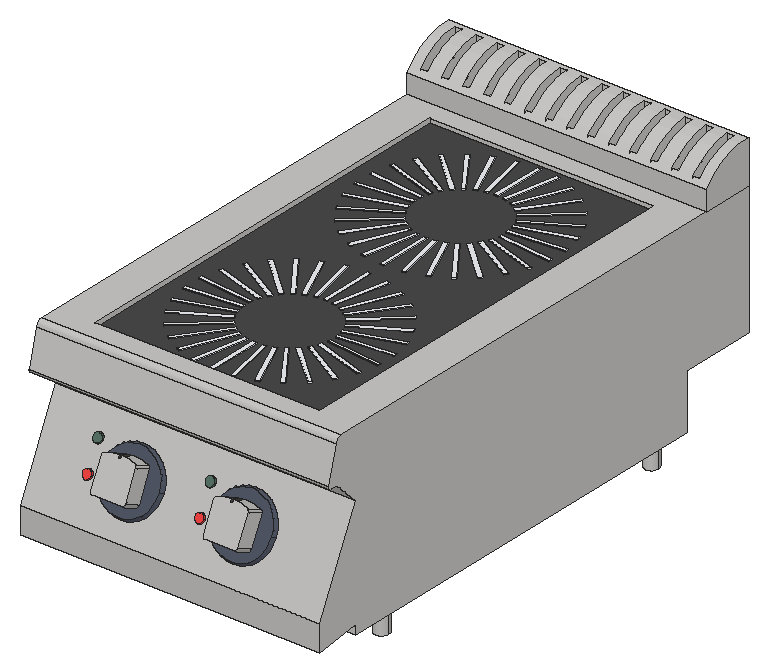
Revit family "QF_ZANUSSI_372175_Z7INED200P", category Specialty Equipment, Revit 2018 (continued)
Lines and regions (mm)
  symbolic lines
    curve 286: line (69.381, -530.602, 266.887) -> (142.375, -522.93, 266.887)
    curve 287: line (142.375, -522.93, 266.887) -> (141.852, -517.958, 266.887)
    curve 288: line (141.852, -517.958, 266.887) -> (68.858, -525.629, 266.887)
    curve 289: line (68.858, -525.629, 266.887) -> (69.381, -530.602, 266.887)
    curve 290: line (75.492, -557.417, 266.887) -> (145.296, -534.736, 266.887)
    curve 291: line (145.296, -534.736, 266.887) -> (143.751, -529.981, 266.887)
    curve 292: line (143.751, -529.981, 266.887) -> (73.947, -552.662, 266.887)
    curve 293: line (73.947, -552.662, 266.887) -> (75.492, -557.417, 266.887)
    curve 294: line (87.045, -582.375, 266.887) -> (150.608, -545.677, 266.887)
    curve 295: line (150.608, -545.677, 266.887) -> (148.108, -541.347, 266.887)
    curve 296: line (148.108, -541.347, 266.887) -> (84.545, -578.045, 266.887)
    curve 297: line (84.545, -578.045, 266.887) -> (87.045, -582.375, 266.887)
    curve 298: line (103.535, -604.386, 266.887) -> (158.078, -555.275, 266.887)
    curve 299: line (158.078, -555.275, 266.887) -> (154.733, -551.559, 266.887)
    curve 300: line (154.733, -551.559, 266.887) -> (100.189, -600.671, 266.887)
    curve 301: line (100.189, -600.671, 266.887) -> (103.535, -604.386, 266.887)
    curve 302: line (124.24, -622.488, 266.887) -> (167.381, -563.109, 266.887)
    curve 303: line (167.381, -563.109, 266.887) -> (163.336, -560.17, 266.887)
    curve 304: line (163.336, -560.17, 266.887) -> (120.195, -619.549, 266.887)
    curve 305: line (120.195, -619.549, 266.887) -> (124.24, -622.488, 266.887)
    curve 306: line (148.257, -635.889, 266.887) -> (178.109, -568.839, 266.887)
    curve 307: line (178.109, -568.839, 266.887) -> (173.542, -566.805, 266.887)
    curve 308: line (173.542, -566.805, 266.887) -> (143.689, -633.855, 266.887)
    curve 309: line (143.689, -633.855, 266.887) -> (148.257, -635.889, 266.887)
    curve 310: line (0, -700, 0) -> (400.05, -700, 0)
    curve 311: line (102, -700, 0) -> (102, -724.347, 0)
    curve 312: arc (102, -724.347, 0) -> (102.146, -724.811, 0) -> (102.532, -725.107, 0) r 0.809
    curve 313: arc (102.532, -725.107, 0) -> (103.72, -725.587, 0) -> (104.997, -725.68, 0) r 4.127
    curve 314: arc (102, -704.292, 0) -> (96.959, -702.458, 0) -> (92.191, -700, 0) r 42.24
    curve 315: arc (102, -706.539, 0) -> (102.502, -705.818, 0) -> (103.299, -705.448, 0) r 1.682
    curve 316: arc (103.299, -705.448, 0) -> (113.602, -703.95, 0) -> (124, -703.441, 0) r 109.079
    curve 317: line (124, -700, 0) -> (124, -705.671, 0)
    curve 318: line (124, -705.671, 0) -> (126, -705.671, 0)
    curve 319: line (126, -705.671, 0) -> (126, -700, 0)
    curve 320: line (148, -700, 0) -> (148, -724.347, 0)
    curve 321: arc (148, -724.347, 0) -> (147.854, -724.811, 0) -> (147.468, -725.107, 0) r 0.809
    curve 322: arc (147.468, -725.107, 0) -> (146.28, -725.587, 0) -> (145.003, -725.68, 0) r 4.127
    curve 323: arc (148, -704.292, 0) -> (153.041, -702.458, 0) -> (157.809, -700, 0) r 42.24
    curve 324: arc (148, -706.539, 0) -> (147.498, -705.818, 0) -> (146.701, -705.448, 0) r 1.682
    curve 325: arc (146.701, -705.448, 0) -> (136.398, -703.95, 0) -> (126, -703.441, 0) r 109.079
    curve 326: line (104.997, -725.68, 0) -> (145.003, -725.68, 0)
    curve 327: line (298, -700, 0) -> (298, -724.347, 0)
    curve 328: arc (298, -724.347, 0) -> (297.854, -724.811, 0) -> (297.468, -725.107, 0) r 0.809
    curve 329: arc (297.468, -725.107, 0) -> (296.28, -725.587, 0) -> (295.003, -725.68, 0) r 4.127
    curve 330: arc (298, -704.292, 0) -> (303.041, -702.458, 0) -> (307.809, -700, 0) r 42.24
    curve 331: arc (298, -706.539, 0) -> (297.498, -705.818, 0) -> (296.701, -705.448, 0) r 1.682
    curve 332: arc (296.701, -705.448, 0) -> (286.398, -703.95, 0) -> (276, -703.441, 0) r 109.079
    curve 333: line (276, -700, 0) -> (276, -705.671, 0)
    curve 334: line (276, -705.671, 0) -> (274, -705.671, 0)
    curve 335: line (274, -705.671, 0) -> (274, -700, 0)
    curve 336: line (252, -700, 0) -> (252, -724.347, 0)
    curve 337: arc (252, -724.347, 0) -> (252.146, -724.811, 0) -> (252.532, -725.107, 0) r 0.809
    curve 338: arc (252.532, -725.107, 0) -> (253.72, -725.587, 0) -> (254.997, -725.68, 0) r 4.127
    curve 339: arc (252, -704.292, 0) -> (246.959, -702.458, 0) -> (242.191, -700, 0) r 42.24
    curve 340: arc (252, -706.539, 0) -> (252.502, -705.818, 0) -> (253.299, -705.448, 0) r 1.682
    curve 341: arc (253.299, -705.448, 0) -> (263.602, -703.95, 0) -> (274, -703.441, 0) r 109.079
    curve 342: line (295.003, -725.68, 0) -> (254.997, -725.68, 0)
    curve 343: line (148, -715, 0) -> (252, -715, 0)
    curve 344: line (298, -715, 0) -> (400.05, -715, 0)
    curve 345: line (0, -715, 0) -> (102, -715, 0)
Dimensions and locks
  equal spacing: plane 3 "LEFT", plane 7 "Center Y", plane 4 "RIGHT"
  "Width": plane 3 "LEFT" to plane 4 "RIGHT"
  equal spacing: plane 5 "FRONT", plane 8 "Center X", plane 1 "BACK"
  "Depth": plane 5 "FRONT" to plane 1 "BACK"
  "Height": plane 6 "TOP" to level
  "Base Height": plane 9 "BASE" to level
  plane 1 "BACK" to plane 5 "FRONT" = 715 mm
  plane 10 "TOP A" to plane 9 "BASE" = 250 mm
  aligned and locked: level to plane 2
  aligned and locked: plane 4 "RIGHT" to Extrusion 1
  aligned and locked: plane 4 "RIGHT" to Extrusion 2
  aligned and locked: plane 9 "BASE" to Extrusion 18
  aligned and locked: plane 6 "TOP" to Extrusion 20
Automatic sketch dimensions
  Extrusion 21 sketch curve to Extrusion 21 sketch curve = 5 mm
  Extrusion 21 sketch curve to Extrusion 21 sketch curve = 73.396 mm
  Extrusion 22 sketch curve to Extrusion 22 sketch curve = 5 mm
  Extrusion 22 sketch curve to Extrusion 22 sketch curve = 73.396 mm
  Extrusion 23 sketch curve to Extrusion 23 sketch curve = 5 mm
  Extrusion 23 sketch curve to Extrusion 23 sketch curve = 73.396 mm
  Extrusion 24 sketch curve to Extrusion 24 sketch curve = 5 mm
  Extrusion 24 sketch curve to Extrusion 24 sketch curve = 73.396 mm
  Extrusion 25 sketch curve to Extrusion 25 sketch curve = 5 mm
  Extrusion 25 sketch curve to Extrusion 25 sketch curve = 73.396 mm
  Extrusion 26 sketch curve to Extrusion 26 sketch curve = 5 mm
  Extrusion 26 sketch curve to Extrusion 26 sketch curve = 73.396 mm
  Extrusion 27 sketch curve to Extrusion 27 sketch curve = 5 mm
  Extrusion 27 sketch curve to Extrusion 27 sketch curve = 73.396 mm
  Extrusion 28 sketch curve to Extrusion 28 sketch curve = 5 mm
  Extrusion 28 sketch curve to Extrusion 28 sketch curve = 73.396 mm
  Extrusion 29 sketch curve to Extrusion 29 sketch curve = 5 mm
  Extrusion 29 sketch curve to Extrusion 29 sketch curve = 73.396 mm
  Extrusion 30 sketch curve to Extrusion 30 sketch curve = 5 mm
  Extrusion 30 sketch curve to Extrusion 30 sketch curve = 73.396 mm
  Extrusion 31 sketch curve to Extrusion 31 sketch curve = 5 mm
  Extrusion 31 sketch curve to Extrusion 31 sketch curve = 73.396 mm
  Extrusion 32 sketch curve to Extrusion 32 sketch curve = 5 mm
  Extrusion 32 sketch curve to Extrusion 32 sketch curve = 73.396 mm
  Extrusion 33 sketch curve to Extrusion 33 sketch curve = 5 mm
  Extrusion 33 sketch curve to Extrusion 33 sketch curve = 73.396 mm
  Extrusion 34 sketch curve to Extrusion 34 sketch curve = 5 mm
  Extrusion 34 sketch curve to Extrusion 34 sketch curve = 73.396 mm
  Extrusion 35 sketch curve to Extrusion 35 sketch curve = 5 mm
  Extrusion 35 sketch curve to Extrusion 35 sketch curve = 73.396 mm
  Extrusion 36 sketch curve to Extrusion 36 sketch curve = 5 mm
  Extrusion 36 sketch curve to Extrusion 36 sketch curve = 73.396 mm
  Extrusion 37 sketch curve to Extrusion 37 sketch curve = 5 mm
  Extrusion 37 sketch curve to Extrusion 37 sketch curve = 73.396 mm
  Extrusion 38 sketch curve to Extrusion 38 sketch curve = 5 mm
  Extrusion 38 sketch curve to Extrusion 38 sketch curve = 73.396 mm
  Extrusion 39 sketch curve to Extrusion 39 sketch curve = 5 mm
  Extrusion 39 sketch curve to Extrusion 39 sketch curve = 73.396 mm
  Extrusion 40 sketch curve to Extrusion 40 sketch curve = 5 mm
  Extrusion 40 sketch curve to Extrusion 40 sketch curve = 73.396 mm
  Extrusion 41 sketch curve to Extrusion 41 sketch curve = 5 mm
  Extrusion 41 sketch curve to Extrusion 41 sketch curve = 73.396 mm
  Extrusion 42 sketch curve to Extrusion 42 sketch curve = 5 mm
  Extrusion 42 sketch curve to Extrusion 42 sketch curve = 73.396 mm
  Extrusion 43 sketch curve to Extrusion 43 sketch curve = 5 mm
  Extrusion 43 sketch curve to Extrusion 43 sketch curve = 73.396 mm
  Extrusion 44 sketch curve to Extrusion 44 sketch curve = 5 mm
  Extrusion 44 sketch curve to Extrusion 44 sketch curve = 73.396 mm
  Extrusion 45 sketch curve to Extrusion 45 sketch curve = 5 mm
  Extrusion 45 sketch curve to Extrusion 45 sketch curve = 73.396 mm
  Extrusion 46 sketch curve to Extrusion 46 sketch curve = 5 mm
  Extrusion 46 sketch curve to Extrusion 46 sketch curve = 73.396 mm
  Extrusion 47 sketch curve to Extrusion 47 sketch curve = 5 mm
  Extrusion 47 sketch curve to Extrusion 47 sketch curve = 73.396 mm
  Extrusion 48 sketch curve to Extrusion 48 sketch curve = 5 mm
  Extrusion 48 sketch curve to Extrusion 48 sketch curve = 73.396 mm
  Extrusion 49 sketch curve to Extrusion 49 sketch curve = 5 mm
  Extrusion 49 sketch curve to Extrusion 49 sketch curve = 73.396 mm
  Extrusion 50 sketch curve to Extrusion 50 sketch curve = 5 mm
  Extrusion 50 sketch curve to Extrusion 50 sketch curve = 73.396 mm
  Extrusion 51 sketch curve to Extrusion 51 sketch curve = 5 mm
  Extrusion 51 sketch curve to Extrusion 51 sketch curve = 73.396 mm
  Extrusion 52 sketch curve to Extrusion 52 sketch curve = 5 mm
  Extrusion 52 sketch curve to Extrusion 52 sketch curve = 73.396 mm
  Extrusion 53 sketch curve to Extrusion 53 sketch curve = 5 mm
  Extrusion 53 sketch curve to Extrusion 53 sketch curve = 73.396 mm
  Extrusion 54 sketch curve to Extrusion 54 sketch curve = 5 mm
  Extrusion 54 sketch curve to Extrusion 54 sketch curve = 73.396 mm
  Extrusion 55 sketch curve to Extrusion 55 sketch curve = 5 mm
  Extrusion 55 sketch curve to Extrusion 55 sketch curve = 73.396 mm
  Extrusion 56 sketch curve to Extrusion 56 sketch curve = 5 mm
  Extrusion 56 sketch curve to Extrusion 56 sketch curve = 73.396 mm
  Extrusion 57 sketch curve to Extrusion 57 sketch curve = 5 mm
  Extrusion 57 sketch curve to Extrusion 57 sketch curve = 73.396 mm
  Extrusion 58 sketch curve to Extrusion 58 sketch curve = 5 mm
  Extrusion 58 sketch curve to Extrusion 58 sketch curve = 73.396 mm
  Extrusion 59 sketch curve to Extrusion 59 sketch curve = 5 mm
  Extrusion 59 sketch curve to Extrusion 59 sketch curve = 73.396 mm
  Extrusion 60 sketch curve to Extrusion 60 sketch curve = 5 mm
  Extrusion 60 sketch curve to Extrusion 60 sketch curve = 73.396 mm
  Extrusion 61 sketch curve to Extrusion 61 sketch curve = 5 mm
  Extrusion 61 sketch curve to Extrusion 61 sketch curve = 73.396 mm
  Extrusion 62 sketch curve to Extrusion 62 sketch curve = 5 mm
  Extrusion 62 sketch curve to Extrusion 62 sketch curve = 73.396 mm
  Extrusion 63 sketch curve to Extrusion 63 sketch curve = 5 mm
  Extrusion 63 sketch curve to Extrusion 63 sketch curve = 73.396 mm
  Extrusion 64 sketch curve to Extrusion 64 sketch curve = 5 mm
  Extrusion 64 sketch curve to Extrusion 64 sketch curve = 73.396 mm
  Extrusion 65 sketch curve to Extrusion 65 sketch curve = 5 mm
  Extrusion 65 sketch curve to Extrusion 65 sketch curve = 73.396 mm
  Extrusion 66 sketch curve to Extrusion 66 sketch curve = 5 mm
  Extrusion 66 sketch curve to Extrusion 66 sketch curve = 73.396 mm
  Extrusion 67 sketch curve to Extrusion 67 sketch curve = 5 mm
  Extrusion 67 sketch curve to Extrusion 67 sketch curve = 73.396 mm
  Extrusion 68 sketch curve to Extrusion 68 sketch curve = 5 mm
  Extrusion 68 sketch curve to Extrusion 68 sketch curve = 73.396 mm
  Extrusion 69 sketch curve to Extrusion 69 sketch curve = 5 mm
  Extrusion 69 sketch curve to Extrusion 69 sketch curve = 73.396 mm
  Extrusion 70 sketch curve to Extrusion 70 sketch curve = 5 mm
  Extrusion 70 sketch curve to Extrusion 70 sketch curve = 73.396 mm
  Extrusion 71 sketch curve to Extrusion 71 sketch curve = 5 mm
  Extrusion 71 sketch curve to Extrusion 71 sketch curve = 73.396 mm
  Extrusion 72 sketch curve to Extrusion 72 sketch curve = 5 mm
  Extrusion 72 sketch curve to Extrusion 72 sketch curve = 73.396 mm
  Extrusion 73 sketch curve to Extrusion 73 sketch curve = 5 mm
  Extrusion 73 sketch curve to Extrusion 73 sketch curve = 73.396 mm
  Extrusion 74 sketch curve to Extrusion 74 sketch curve = 5 mm
  Extrusion 74 sketch curve to Extrusion 74 sketch curve = 73.396 mm
  Extrusion 75 sketch curve to Extrusion 75 sketch curve = 5 mm
  Extrusion 75 sketch curve to Extrusion 75 sketch curve = 73.396 mm
  Extrusion 76 sketch curve to Extrusion 76 sketch curve = 5 mm
  Extrusion 76 sketch curve to Extrusion 76 sketch curve = 73.396 mm
  Extrusion 77 sketch curve to Extrusion 77 sketch curve = 5 mm
  Extrusion 77 sketch curve to Extrusion 77 sketch curve = 73.396 mm
  Extrusion 78 sketch curve to Extrusion 78 sketch curve = 5 mm
  Extrusion 78 sketch curve to Extrusion 78 sketch curve = 73.396 mm
  Extrusion 79 sketch curve to Extrusion 79 sketch curve = 5 mm
  Extrusion 79 sketch curve to Extrusion 79 sketch curve = 73.396 mm
  Extrusion 80 sketch curve to Extrusion 80 sketch curve = 5 mm
  Extrusion 80 sketch curve to Extrusion 80 sketch curve = 73.396 mm
  Extrusion 2 sketch curve to plane 10 "TOP A" = 0 mm
  Extrusion 2 sketch curve to plane 1 "BACK" = 0 mm
  Extrusion 2 sketch curve to plane 6 "TOP" = 0 mm
  plane 1 "BACK" to Extrusion 2 sketch curve = 1.769 mm
  plane 10 "TOP A" to Extrusion 2 sketch curve = 25.4 mm
  plane 1 "BACK" to Extrusion 2 sketch curve = 69.85 mm
  Extrusion 3 sketch curve to plane 4 "RIGHT" = 50 mm
  plane 3 "LEFT" to Extrusion 3 sketch curve = 50 mm
  Extrusion 3 sketch curve to plane 12 = 54.376 mm
  plane 11 to Extrusion 3 sketch curve = 55.377 mm
  plane 1 "BACK" to Extrusion 4 sketch curve = 6.761 mm
  plane 3 "LEFT" to Extrusion 4 sketch curve = 22.749 mm
  Extrusion 4 sketch curve to Extrusion 4 sketch curve = 9.296 mm
  Extrusion 4 sketch curve to Extrusion 4 sketch curve = 57.15 mm
  Extrusion 5 sketch curve to plane 1 "BACK" = 6.761 mm
  plane 4 "RIGHT" to Extrusion 5 sketch curve = 22.749 mm
  Extrusion 5 sketch curve to Extrusion 5 sketch curve = 9.296 mm
  Extrusion 5 sketch curve to Extrusion 5 sketch curve = 57.15 mm
  plane 1 "BACK" to Extrusion 6 sketch curve = 6.761 mm
  plane 3 "LEFT" to Extrusion 6 sketch curve = 50.737 mm
  Extrusion 6 sketch curve to Extrusion 6 sketch curve = 9.296 mm
  Extrusion 6 sketch curve to Extrusion 6 sketch curve = 57.15 mm
  plane 1 "BACK" to Extrusion 7 sketch curve = 6.761 mm
  plane 3 "LEFT" to Extrusion 7 sketch curve = 78.725 mm
  Extrusion 7 sketch curve to Extrusion 7 sketch curve = 9.296 mm
  Extrusion 7 sketch curve to Extrusion 7 sketch curve = 57.15 mm
  plane 1 "BACK" to Extrusion 8 sketch curve = 6.761 mm
  Extrusion 8 sketch curve to plane 7 "Center Y" = 93.311 mm
  Extrusion 8 sketch curve to Extrusion 8 sketch curve = 9.296 mm
  Extrusion 8 sketch curve to Extrusion 8 sketch curve = 57.15 mm
  plane 1 "BACK" to Extrusion 9 sketch curve = 6.761 mm
  Extrusion 9 sketch curve to plane 7 "Center Y" = 65.323 mm
  Extrusion 9 sketch curve to Extrusion 9 sketch curve = 9.296 mm
  Extrusion 9 sketch curve to Extrusion 9 sketch curve = 57.15 mm
  plane 1 "BACK" to Extrusion 10 sketch curve = 6.761 mm
  Extrusion 10 sketch curve to plane 7 "Center Y" = 37.335 mm
  Extrusion 10 sketch curve to Extrusion 10 sketch curve = 9.296 mm
  Extrusion 10 sketch curve to Extrusion 10 sketch curve = 57.15 mm
  Extrusion 11 sketch curve to plane 7 "Center Y" = 9.346 mm
  Extrusion 11 sketch curve to Extrusion 11 sketch curve = 9.296 mm
  plane 1 "BACK" to Extrusion 11 sketch curve = 6.761 mm
  Extrusion 11 sketch curve to Extrusion 11 sketch curve = 57.15 mm
  plane 1 "BACK" to Extrusion 12 sketch curve = 6.761 mm
  plane 7 "Center Y" to Extrusion 12 sketch curve = 18.642 mm
  Extrusion 12 sketch curve to Extrusion 12 sketch curve = 9.296 mm
  Extrusion 12 sketch curve to Extrusion 12 sketch curve = 57.15 mm
  plane 1 "BACK" to Extrusion 13 sketch curve = 6.761 mm
  plane 7 "Center Y" to Extrusion 13 sketch curve = 46.63 mm
  Extrusion 13 sketch curve to Extrusion 13 sketch curve = 9.296 mm
  Extrusion 13 sketch curve to Extrusion 13 sketch curve = 57.15 mm
  plane 1 "BACK" to Extrusion 14 sketch curve = 6.761 mm
  plane 7 "Center Y" to Extrusion 14 sketch curve = 74.619 mm
  Extrusion 14 sketch curve to Extrusion 14 sketch curve = 9.296 mm
  Extrusion 14 sketch curve to Extrusion 14 sketch curve = 57.15 mm
  plane 1 "BACK" to Extrusion 15 sketch curve = 6.761 mm
  Extrusion 15 sketch curve to plane 4 "RIGHT" = 97.418 mm
  Extrusion 15 sketch curve to Extrusion 15 sketch curve = 9.296 mm
  Extrusion 15 sketch curve to Extrusion 15 sketch curve = 57.15 mm
  plane 1 "BACK" to Extrusion 16 sketch curve = 6.761 mm
  Extrusion 16 sketch curve to plane 4 "RIGHT" = 69.43 mm
  Extrusion 16 sketch curve to Extrusion 16 sketch curve = 9.296 mm
  Extrusion 16 sketch curve to Extrusion 16 sketch curve = 57.15 mm
  plane 1 "BACK" to Extrusion 17 sketch curve = 6.761 mm
  Extrusion 17 sketch curve to plane 4 "RIGHT" = 41.441 mm
  Extrusion 17 sketch curve to Extrusion 17 sketch curve = 9.296 mm
  Extrusion 17 sketch curve to Extrusion 17 sketch curve = 57.15 mm
  plane 11 to Extrusion 18 sketch curve = 0 mm  (x2)
  plane 12 to Extrusion 18 sketch curve = 0 mm  (x2)
  plane 3 "LEFT" to Extrusion 18 sketch curve = 11.112 mm  (x2)
  Extrusion 18 sketch curve to plane 4 "RIGHT" = 11.113 mm  (x2)
  plane 1 "BACK" to Extrusion 20 sketch curve = 0 mm
  Extrusion 20 sketch curve to plane 3 "LEFT" = 0 mm
  Extrusion 20 sketch curve to plane 4 "RIGHT" = 0 mm
  Extrusion 20 sketch curve to plane 3 "LEFT" = 150.019 mm
  plane 5 "FRONT" to Extrusion 20 sketch curve = 0 mm  (x2)
  plane 4 "RIGHT" to Extrusion 20 sketch curve = 150.019 mm
  Extrusion 20 sketch curve to plane 1 "BACK" = 150.019 mm
  curve 65 to plane 4 "RIGHT" = 0 mm
  curve 5 to plane 3 "LEFT" = 0 mm
  curve 63 to plane 3 "LEFT" = 0 mm
  plane 1 "BACK" to curve 5 = 0 mm
  plane 5 "FRONT" to curve 6 = 0 mm
  plane 4 "RIGHT" to curve 3 = 150.019 mm
  curve 12 to plane 4 "RIGHT" = 13.453 mm
  curve 11 to curve 14 = 9.296 mm
  curve 12 to curve 59 = 18.693 mm
  curve 59 to curve 62 = 9.296 mm
  curve 60 to curve 55 = 18.693 mm
  curve 55 to curve 56 = 9.296 mm
  plane 1 "BACK" to curve 51 = 6.761 mm
  curve 57 to curve 51 = 18.693 mm
  curve 51 to curve 52 = 9.296 mm
  curve 52 to curve 47 = 18.693 mm
  curve 47 to curve 48 = 9.296 mm
  plane 1 "BACK" to curve 43 = 6.761 mm
  curve 49 to curve 43 = 18.693 mm
  curve 43 to curve 44 = 9.296 mm
  plane 7 "Center Y" to curve 39 = 18.642 mm
  curve 39 to curve 40 = 9.296 mm
  curve 36 to plane 7 "Center Y" = 9.346 mm
  curve 35 to curve 38 = 9.296 mm
  curve 36 to curve 32 = 18.693 mm
  curve 31 to curve 32 = 9.296 mm
  plane 1 "BACK" to curve 30 = 6.761 mm
  curve 33 to curve 30 = 18.693 mm
  curve 27 to curve 28 = 9.296 mm
  plane 1 "BACK" to curve 23 = 6.761 mm
  curve 29 to curve 23 = 18.693 mm
  curve 23 to curve 24 = 9.296 mm
  curve 24 to curve 20 = 18.693 mm
  curve 19 to curve 20 = 9.296 mm
  curve 20 to curve 15 = 18.693 mm
  curve 15 to curve 16 = 9.296 mm
  curve 16 to curve 63 = 9.691 mm
  plane 1 "BACK" to curve 10 = 6.761 mm
  curve 17 to curve 10 = 18.693 mm
  curve 7 to curve 9 = 9.296 mm
  plane 5 "FRONT" to curve 1 = 1.377 mm
  curve 1 to plane 3 "LEFT" = 150.019 mm
  curve 2 to plane 1 "BACK" = 150.019 mm
  plane 1 "BACK" to curve 61 = 6.761 mm
  plane 1 "BACK" to curve 58 = 6.761 mm
  plane 1 "BACK" to curve 11 = 6.761 mm
  plane 1 "BACK" to curve 15 = 6.761 mm
  plane 1 "BACK" to curve 50 = 6.761 mm
  plane 1 "BACK" to curve 19 = 6.761 mm
  plane 1 "BACK" to curve 42 = 6.761 mm
  plane 1 "BACK" to curve 38 = 6.761 mm
  plane 1 "BACK" to curve 31 = 6.761 mm
  curve 33 to curve 33 = 57.15 mm
  curve 29 to curve 32 = 0 mm
  curve 31 to curve 35 = 0 mm
  curve 25 to curve 28 = 0 mm
  curve 35 to curve 39 = 0 mm
  curve 21 to curve 24 = 0 mm
  curve 39 to curve 43 = 0 mm
  curve 17 to curve 20 = 0 mm
  curve 43 to curve 47 = 0 mm
  curve 13 to curve 13 = 57.15 mm
  curve 47 to curve 51 = 0 mm
  curve 9 to curve 16 = 0 mm
  curve 51 to curve 55 = 0 mm
  curve 55 to curve 61 = 0 mm
  curve 8 to curve 64 = 5.939 mm
  curve 11 to curve 65 = 5.939 mm
  curve 64 to plane 12 = 26.988 mm
  plane 5 "FRONT" to curve 3 = 1.377 mm
  curve 67 to Extrusion 3 = 0 mm  (x3)
  curve 66 to Extrusion 3 = 0 mm
  curve 70 to curve 72 = 5 mm
  curve 71 to curve 72 = 73.396 mm
  curve 74 to curve 76 = 5 mm
  curve 75 to curve 76 = 73.396 mm
  curve 78 to curve 80 = 5 mm
  curve 79 to curve 80 = 73.396 mm
  curve 82 to curve 84 = 5 mm
  curve 83 to curve 84 = 73.396 mm
  curve 86 to curve 88 = 5 mm
  curve 87 to curve 88 = 73.396 mm
  curve 90 to curve 92 = 5 mm
  curve 91 to curve 92 = 73.396 mm
  curve 94 to curve 96 = 5 mm
  curve 95 to curve 96 = 73.396 mm
  curve 98 to curve 100 = 5 mm
  curve 99 to curve 100 = 73.396 mm
  curve 102 to curve 104 = 5 mm
  curve 103 to curve 104 = 73.396 mm
  curve 106 to curve 108 = 5 mm
  curve 107 to curve 108 = 73.396 mm
  curve 110 to curve 112 = 5 mm
  curve 111 to curve 112 = 73.396 mm
  curve 114 to curve 116 = 5 mm
  curve 115 to curve 116 = 73.396 mm
  curve 118 to curve 120 = 5 mm
  curve 119 to curve 120 = 73.396 mm
  curve 122 to curve 124 = 5 mm
  curve 123 to curve 124 = 73.396 mm
  curve 126 to curve 128 = 5 mm
  curve 127 to curve 128 = 73.396 mm
  curve 130 to curve 132 = 5 mm
  curve 131 to curve 132 = 73.396 mm
  curve 134 to curve 136 = 5 mm
  curve 135 to curve 136 = 73.396 mm
  curve 138 to curve 140 = 5 mm
  curve 139 to curve 140 = 73.396 mm
  curve 142 to curve 144 = 5 mm
  curve 143 to curve 144 = 73.396 mm
  curve 146 to curve 148 = 5 mm
  curve 147 to curve 148 = 73.396 mm
  curve 150 to curve 152 = 5 mm
  curve 151 to curve 152 = 73.396 mm
  curve 154 to curve 156 = 5 mm
  curve 155 to curve 156 = 73.396 mm
  curve 158 to curve 160 = 5 mm
  curve 159 to curve 160 = 73.396 mm
  curve 162 to curve 164 = 5 mm
  curve 163 to curve 164 = 73.396 mm
  curve 166 to curve 168 = 5 mm
  curve 167 to curve 168 = 73.396 mm
  curve 170 to curve 172 = 5 mm
  curve 171 to curve 172 = 73.396 mm
  curve 174 to curve 176 = 5 mm
  curve 175 to curve 176 = 73.396 mm
  curve 178 to curve 180 = 5 mm
  curve 179 to curve 180 = 73.396 mm
  curve 182 to curve 184 = 5 mm
  curve 183 to curve 184 = 73.396 mm
  curve 186 to curve 188 = 5 mm
  curve 187 to curve 188 = 73.396 mm
  curve 190 to curve 192 = 5 mm
  curve 191 to curve 192 = 73.396 mm
  curve 194 to curve 196 = 5 mm
  curve 195 to curve 196 = 73.396 mm
  curve 198 to curve 200 = 5 mm
  curve 199 to curve 200 = 73.396 mm
  curve 202 to curve 204 = 5 mm
  curve 203 to curve 204 = 73.396 mm
  curve 206 to curve 208 = 5 mm
  curve 207 to curve 208 = 73.396 mm
  curve 210 to curve 212 = 5 mm
  curve 211 to curve 212 = 73.396 mm
  curve 214 to curve 216 = 5 mm
  curve 215 to curve 216 = 73.396 mm
  curve 218 to curve 220 = 5 mm
  curve 219 to curve 220 = 73.396 mm
  curve 222 to curve 224 = 5 mm
  curve 223 to curve 224 = 73.396 mm
  curve 226 to curve 228 = 5 mm
  curve 227 to curve 228 = 73.396 mm
  curve 230 to curve 232 = 5 mm
  curve 231 to curve 232 = 73.396 mm
  curve 234 to curve 236 = 5 mm
  curve 235 to curve 236 = 73.396 mm
  curve 238 to curve 240 = 5 mm
  curve 239 to curve 240 = 73.396 mm
  curve 242 to curve 244 = 5 mm
  curve 243 to curve 244 = 73.396 mm
  curve 246 to curve 248 = 5 mm
  curve 247 to curve 248 = 73.396 mm
  curve 250 to curve 252 = 5 mm
  curve 251 to curve 252 = 73.396 mm
  curve 254 to curve 256 = 5 mm
  curve 255 to curve 256 = 73.396 mm
  curve 258 to curve 260 = 5 mm
  curve 259 to curve 260 = 73.396 mm
  curve 262 to curve 264 = 5 mm
  curve 263 to curve 264 = 73.396 mm
  curve 266 to curve 268 = 5 mm
  curve 267 to curve 268 = 73.396 mm
  curve 270 to curve 272 = 5 mm
  curve 271 to curve 272 = 73.396 mm
  curve 274 to curve 276 = 5 mm
  curve 275 to curve 276 = 73.396 mm
  curve 278 to curve 280 = 5 mm
  curve 279 to curve 280 = 73.396 mm
  curve 282 to curve 284 = 5 mm
  curve 283 to curve 284 = 73.396 mm
  curve 286 to curve 288 = 5 mm
  curve 287 to curve 288 = 73.396 mm
  curve 290 to curve 292 = 5 mm
  curve 291 to curve 292 = 73.396 mm
  curve 294 to curve 296 = 5 mm
  curve 295 to curve 296 = 73.396 mm
  curve 298 to curve 300 = 5 mm
  curve 299 to curve 300 = 73.396 mm
  curve 302 to curve 304 = 5 mm
  curve 303 to curve 304 = 73.396 mm
  curve 306 to curve 308 = 5 mm
  curve 307 to curve 308 = 73.396 mm
  plane 11 to Extrusion 1 sketch curve = 117.116 mm
  Extrusion 1 sketch curve to plane 10 "TOP A" = 52.989 mm
  plane 11 to Extrusion 1 sketch curve = 101.999 mm
  Extrusion 1 sketch curve to Extrusion 1 sketch curve = 2.884 mm
  plane 11 to Extrusion 1 sketch curve = 88.948 mm
  Extrusion 1 sketch curve to plane 10 "TOP A" = 56.816 mm
  Extrusion 1 sketch curve to Extrusion 1 sketch curve = 10.198 mm
  Extrusion 1 sketch curve to Extrusion 1 sketch curve = 7.474 mm
  plane 11 to Extrusion 1 sketch curve = 60.761 mm
  plane 11 to Extrusion 1 sketch curve = 60.316 mm
  plane 11 to Extrusion 1 sketch curve = 57.116 mm
  plane 11 to Extrusion 1 sketch curve = 57.097 mm
  plane 1 "BACK" to Extrusion 1 sketch curve = 103 mm
  Extrusion 1 sketch curve to plane 6 "TOP" = 58 mm
  Extrusion 1 sketch curve to plane 1 "BACK" = 0 mm
  Extrusion 1 sketch curve to Extrusion 1 sketch curve = 31.82 mm
  plane 9 "BASE" to Extrusion 1 sketch curve = 74 mm
  plane 9 "BASE" to Extrusion 1 sketch curve = 40.508 mm
  plane 9 "BASE" to Extrusion 1 sketch curve = 13.428 mm
  Extrusion 1 sketch curve to Extrusion 1 sketch curve = 35 mm
  plane 9 "BASE" to Extrusion 1 sketch curve = 0 mm
  plane 9 "BASE" to Extrusion 19 sketch curve = 33.906 mm
  Extrusion 19 sketch curve to plane 4 "RIGHT" = 63.5 mm
  plane 3 "LEFT" to Blend 81 sketch curve = 125 mm  (x2)
  plane 3 "LEFT" to Extrusion 82 sketch curve = 102 mm
  Extrusion 82 sketch curve to Extrusion 82 sketch curve = 2.997 mm  (x3)
  Extrusion 82 sketch curve to Extrusion 82 sketch curve = 20.003 mm  (x2)
  Extrusion 82 sketch curve to Extrusion 82 sketch curve = 40.005 mm
  Extrusion 82 sketch curve to Extrusion 82 sketch curve = 5.399 mm
  Extrusion 82 sketch curve to Extrusion 82 sketch curve = 40.037 mm
  Extrusion 82 sketch curve to Extrusion 82 sketch curve = 0 mm  (x2)
  Extrusion 83 sketch curve to plane 5 "FRONT" = 9.329 mm
  Extrusion 83 sketch curve to plane 10 "TOP A" = 112.016 mm
  Extrusion 83 sketch curve to Extrusion 83 sketch curve = 3 mm
  Extrusion 83 sketch curve to Extrusion 83 sketch curve = 0 mm  (x2)
  Extrusion 83 sketch curve to Extrusion 83 sketch curve = 1 mm
  Extrusion 83 sketch curve to Extrusion 83 sketch curve = 15 mm
  plane 3 "LEFT" to Extrusion 84 sketch curve = 69.999 mm
  plane 3 "LEFT" to Extrusion 85 sketch curve = 107.5 mm
  Extrusion 85 sketch curve to Extrusion 85 sketch curve = 35 mm  (x2)
  Split face 1 sketch curve to Split face 1 sketch curve = 6 mm
  Split face 1 sketch curve to Split face 1 sketch curve = 10 mm
  Split face 2 sketch curve to Split face 2 sketch curve = 5 mm
  Split face 2 sketch curve to Split face 2 sketch curve = 9 mm
  Split face 3 sketch curve to Split face 3 sketch curve = 5 mm
  Split face 4 sketch curve to Split face 4 sketch curve = 5 mm
  plane 3 "LEFT" to Blend 86 sketch curve = 275 mm  (x2)
  plane 3 "LEFT" to Extrusion 87 sketch curve = 252 mm
  Extrusion 87 sketch curve to Extrusion 87 sketch curve = 2.997 mm  (x3)
  Extrusion 87 sketch curve to Extrusion 87 sketch curve = 20.003 mm  (x2)
  Extrusion 87 sketch curve to Extrusion 87 sketch curve = 40.005 mm
  Extrusion 87 sketch curve to Extrusion 87 sketch curve = 5.399 mm
  Extrusion 87 sketch curve to Extrusion 87 sketch curve = 40.037 mm
  Extrusion 87 sketch curve to Extrusion 87 sketch curve = 0 mm  (x2)
  plane 3 "LEFT" to Extrusion 88 sketch curve = 257.5 mm
  Extrusion 88 sketch curve to Extrusion 88 sketch curve = 35 mm  (x2)
  Split face 24 sketch curve to Split face 24 sketch curve = 6 mm
  Split face 24 sketch curve to Split face 24 sketch curve = 10 mm
  Split face 25 sketch curve to Split face 25 sketch curve = 5 mm
  Split face 25 sketch curve to Split face 25 sketch curve = 9 mm
  Split face 26 sketch curve to Split face 26 sketch curve = 5 mm
  Split face 27 sketch curve to Split face 27 sketch curve = 5 mm
  Extrusion 89 sketch curve to plane 5 "FRONT" = 9.329 mm
  Extrusion 89 sketch curve to plane 10 "TOP A" = 112.016 mm
  Extrusion 89 sketch curve to Extrusion 89 sketch curve = 3 mm
  Extrusion 89 sketch curve to Extrusion 89 sketch curve = 0 mm
  Extrusion 89 sketch curve to Extrusion 89 sketch curve = 1 mm  (x2)
  Extrusion 89 sketch curve to Extrusion 89 sketch curve = 15 mm
  plane 3 "LEFT" to Extrusion 90 sketch curve = 69.999 mm
  plane 3 "LEFT" to Extrusion 91 sketch curve = 219.999 mm
  plane 3 "LEFT" to Extrusion 92 sketch curve = 219.999 mm
  plane 5 "FRONT" to curve 5 = 0 mm
  curve 345 to plane 3 "LEFT" = 0 mm
  curve 310 to plane 3 "LEFT" = 0 mm
  curve 311 to plane 7 "Center Y" = 98 mm
  curve 311 to curve 312 = 0.809 mm
  curve 315 to curve 315 = 1.583 mm
  curve 312 to curve 313 = 1.846 mm
  curve 312 to curve 326 = 2.189 mm
  curve 311 to curve 314 = 11.892 mm
  curve 315 to curve 317 = 20.417 mm
  curve 316 to plane 7 "Center Y" = 75.869 mm
  curve 316 to curve 325 = 1.738 mm
  curve 317 to curve 318 = 2 mm
  curve 314 to curve 323 = 22.215 mm
  curve 318 to curve 326 = 19.003 mm
  curve 322 to curve 322 = 0.343 mm
  curve 322 to curve 324 = 1.071 mm
  curve 326 to curve 321 = 2.189 mm
  curve 321 to curve 320 = 0.809 mm
  plane 7 "Center Y" to curve 336 = 52 mm
  curve 337 to curve 337 = 0.809 mm
  curve 340 to curve 340 = 1.583 mm
  curve 337 to curve 338 = 1.846 mm
  curve 337 to curve 342 = 2.189 mm
  curve 336 to curve 339 = 11.892 mm
  curve 340 to curve 335 = 20.417 mm
  plane 7 "Center Y" to curve 341 = 74.131 mm
  curve 341 to curve 332 = 1.738 mm
  curve 334 to curve 334 = 2 mm
  curve 339 to curve 330 = 22.215 mm
  curve 333 to curve 342 = 19.003 mm
  curve 329 to curve 329 = 0.343 mm
  curve 329 to curve 331 = 1.071 mm
  curve 329 to curve 328 = 2.189 mm
  curve 328 to curve 327 = 0.809 mm
  curve 316 to curve 325 = 0 mm
  curve 325 to curve 332 = 0 mm
  curve 341 to curve 332 = 0 mm
  curve 316 to curve 326 = 86.839 mm
  curve 326 to curve 342 = 0 mm
  curve 329 to curve 327 = 1.333 mm
  curve 342 to curve 337 = 1.333 mm
  curve 326 to curve 320 = 1.333 mm
  curve 313 to curve 312 = 1.333 mm
  curve 337 to curve 338 = 2.779 mm
  curve 328 to curve 329 = 2.779 mm
  curve 312 to curve 313 = 2.779 mm
  curve 321 to curve 322 = 2.779 mm
  curve 313 to curve 315 = 14.462 mm
  curve 338 to curve 340 = 14.462 mm
  curve 329 to curve 331 = 14.462 mm
  curve 322 to curve 324 = 14.462 mm
  curve 340 to curve 335 = 1.435 mm
  curve 324 to curve 319 = 1.435 mm
  curve 334 to curve 339 = 41.91 mm
  curve 339 to curve 330 = 0 mm
  curve 317 to curve 314 = 41.91 mm
  curve 314 to curve 323 = 0 mm
  curve 314 to curve 311 = 9.809 mm
  curve 315 to curve 315 = 0.284 mm
  curve 324 to curve 324 = 0.284 mm
  curve 320 to curve 323 = 9.809 mm
  curve 339 to curve 336 = 9.809 mm
  curve 341 to curve 340 = 0.284 mm
  curve 331 to curve 332 = 0.284 mm
  curve 327 to curve 330 = 9.809 mm
  plane 4 "RIGHT" to curve 310 = 0.05 mm
  plane 4 "RIGHT" to curve 344 = 0.05 mm
  curve 329 to curve 344 = 6.567 mm
  curve 322 to curve 343 = 6.567 mm
  plane 5 "FRONT" to curve 345 = 0 mm
  curve 315 to curve 315 = 0.567 mm
  curve 331 to curve 331 = 0.567 mm
  curve 324 to curve 324 = 0.567 mm
  curve 340 to curve 340 = 0.567 mm
  curve 332 to curve 330 = 1.156 mm
  plane 5 "FRONT" to curve 343 = 0 mm
  radius of Extrusion 18 sketch curve = 9.525 mm  (x4)
  radius of Extrusion 19 sketch curve = 12.7 mm
  radius of Blend 81 sketch curve = 42.5 mm
  radius of Blend 81 sketch curve = 40.5 mm
  radius of Extrusion 84 sketch curve = 6 mm
  radius of Split face 5 sketch curve = 2.029 mm
  radius of Split face 6 sketch curve = 1.5 mm
  radius of Split face 7 sketch curve = 1.5 mm
  radius of Split face 8 sketch curve = 1.5 mm
  radius of Split face 9 sketch curve = 1.5 mm
  radius of Split face 10 sketch curve = 1.5 mm
  radius of Split face 11 sketch curve = 1.5 mm
  radius of Split face 12 sketch curve = 1.5 mm
  radius of Split face 13 sketch curve = 1.5 mm
  radius of Split face 14 sketch curve = 1.5 mm
  radius of Blend 86 sketch curve = 42.5 mm
  radius of Blend 86 sketch curve = 40.5 mm
  radius of Split face 15 sketch curve = 1.5 mm
  radius of Split face 16 sketch curve = 1.5 mm
  radius of Split face 17 sketch curve = 1.5 mm
  radius of Split face 18 sketch curve = 1.5 mm
  radius of Split face 19 sketch curve = 1.5 mm
  radius of Split face 20 sketch curve = 1.5 mm
  radius of Split face 21 sketch curve = 1.5 mm
  radius of Split face 22 sketch curve = 1.5 mm
  radius of Split face 23 sketch curve = 1.5 mm
  radius of Split face 28 sketch curve = 2.031 mm
  radius of Split face 29 sketch curve = 1.5 mm
  radius of Split face 30 sketch curve = 1.5 mm
  radius of Extrusion 90 sketch curve = 6 mm
  radius of Extrusion 91 sketch curve = 6 mm
  radius of Extrusion 92 sketch curve = 6 mm
Connectors
  electrical at (336.5, -88.9, 57.906), driven by "Volts", driven by "Watts"
    settings: on Extrusion 19, index 1, voltage 400 V, apparent load 10000 VA, apparent load phase1 0 VA, apparent load phase2 0 VA, apparent load phase3 0 VA, power factor 1, load classification "Other", number of poles 1, system type 30, power factor state 1, is connector primary yes, connector utility no, sub classification motor no, connector description "Electrical Connection"
